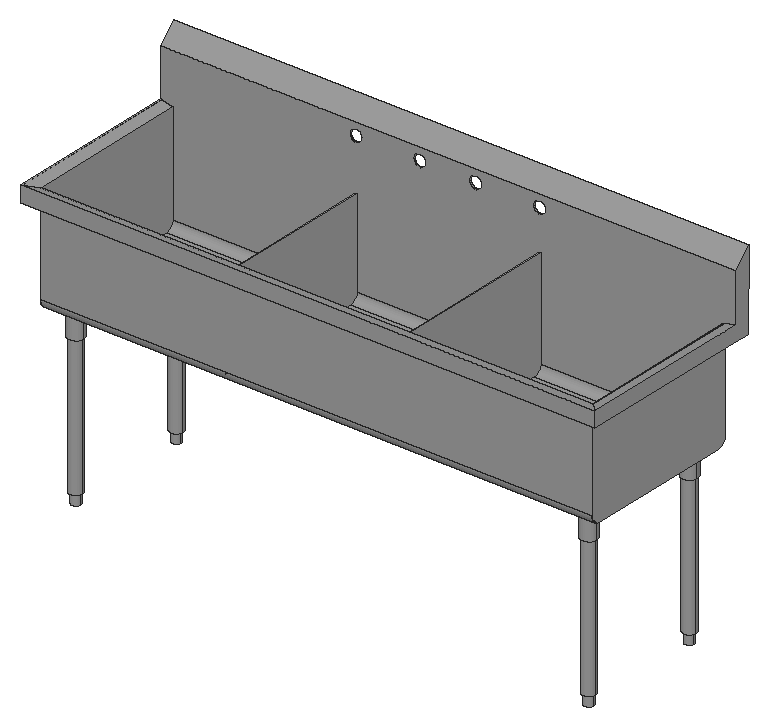
Revit family "equip-sink-elkay-weldbilt-TPL", category Plumbing Fixtures, Revit 2019
Family settings
  Round Connector Dimension = Use Diameter
  Part Type = Normal
  Work Plane-Based = No
  Always vertical = Yes
  Cut with Voids When Loaded = No
  Shared = No
  Room Calculation Point = No
Parameters (values of type "ByType")
  Width = 2' - 0"
  URL = "http://www.elkayusa.com/cps/rde/xchg/elkay/hs.xsl/Default.aspx"
  Specification URL = "http://www.elkayusa.com/cps/rde/xbcr/elkay/04-07I_WELDBILT_TRIPLE_SCULLERY.pdf"
  Model Number = ""
  Model = "Weldbilt"
  Manufacturer = "Elkay Manufacturer"
  Length = 6' - 0"
  Installation URL = "http://www.elkayusa.com/cps/rde/xbcr/elkay/74180084.pdf"
  Hidden Width = if(Compartment Width > 0' 11", Width, (Compartment Width + Sink Rim Front Width + Backsplash Width))  # 2' - 0"
  Sink Material = Metal - Steel - Stainless - Chrome
  Hidden Compartment Width = Width - Sink Rim Front Width - Backsplash Width  # 1' - 8 1/2"
  Hidden Compartment Length = (Length - (Sink Rim Sides Width * 2)) / 3  # 1' - 11"
  Description = "Weldbilt Triple Compartment Scullery Sinks"
  Compartment Length = if(Hidden Compartment Length > 0' 8 1/2", Hidden Compartment Length, 0' 8 1/2")  # 1' - 11"
  Hidden Length = if((Compartment Length > 0' 8 1/2"), Length, (((Compartment Length * 3) + Sink Rim Sides Width * 2)))  # 6' - 0"
  Sink Rim Sides Width = 0' - 1 1/2"  # constant formula
  Sink Rim Front Width = 0' - 1 1/2"  # constant formula
  Backsplash Width = 0' - 2"  # constant formula
  Sink Drain Location = Compartment Width / 2  # 0' - 10 1/4"
  Compartment Depth = 1' - 2"
  Compartment Width = if(Hidden Compartment Width > 0' 11", Hidden Compartment Width, 0' 11")  # 1' - 8 1/2"
  Rim Height = 3' - 0"
  Hole 3 to 4 = 0' - 8"
  Hole 2 to 3 = 0' - 7"
  Hole 1 to 2 = 0' - 8"
  Hole 1 From CL = 0' - 11 1/2"
  Faucet CL from Top Backsplash = 0' - 3 1/2"
  Backsplash Height = 0' - 8"
Reference planes (in)
  plane 1 "CL Sink Hole": y = 0
  plane 2 "Bottom": z = 0
  plane 3 "Center (Left/Right)": x = 0
  plane 4 "Basin Edge Left": x = -34.5
  plane 5 "Basin Edge Right": x = 34.5
  plane 6 "Basin Edge Back": y = 10.25
  plane 7 "Basin Edge Front": y = -10.25
  plane 8 "Left": x = -36
  plane 9 "Right": x = 36
  plane 10 "Back": y = 12.25
  plane 11 "Front": y = -11.75
  plane 12 "Sink Bowl Bottom (Top Face)": z = 22
  plane 13 "Sink Bowl Bottom (Bottom Face)": z = 21.875
  plane 14 "Sink Bottom Piece Back Edge": y = 9.25
  plane 15 "Sink Bottom Piece Front Edge": y = -9.25
  plane 16 "Center (Front/Back)": y = 0
  plane 17 "Sink Rim Top": z = 36
  plane 18 "Sink Bowl Bottom Radius Top Tangent": z = 23
  plane 19 "Sink Rim Inside Lower Edge": z = 35.59808
  plane 20: z = 44
  plane 21 "Backsplash Angle": z = 42
  plane 22 "Backsplash Side Piece Front": y = 10.375
  plane 23 "Backsplash Side Piece Top": z = 43.82322
  plane 24 "Backsplash Side Piece Angle": z = 41.94822
  plane 25 "Backsplash Side Piece Bottom": z = 34
  plane 26 "Backsplash Side Right Piece Inside Edge": x = 35.875
  plane 27 "Backsplash Side Left Piece Inside Edge": x = -35.875
  plane 28 "Basin Edge Right Outside Face": x = 34.5625
  plane 29 "Basin Edge Left Outside Face": x = -34.5625
  plane 30 "Faucet Hole CL Elev": z = 40.5
  plane 31 "CL Faucet Hole1 Left": x = -11.5
  plane 32 "CL Faucet Hole1 Right": x = -3.5
  plane 33 "Leg Left CL": x = -32.125
  plane 34 "Leg Front CL": y = -7.875
  plane 35: z = 1.3125
  plane 36 "Leg Right CL": x = 32.125
  plane 37 "Leg Back CL": y = 7.875
  plane 38 "Sink Drain Left CL": x = -23
  plane 39 "Partition Left - Left Edge": x = -11.57422
  plane 40 "Partition Left - Right Edge": x = -11.42578
  plane 41 "Partition Top": z = 35.47
  plane 42 "Sink Drain Right CL": x = 23
  plane 43 "Partition CL Left": x = -11.5
  plane 44 "Partition Right CL": x = 11.5
  plane 45 "Partition Right - Left Edge": x = 11.42578
  plane 46 "Partition Right - Right Edge": x = 11.57422
  plane 47 "CL Faucet Hole2 Left": x = 3.5
  plane 48 "CL Faucet Hole2 Right": x = 11.5
  plane 49 "Basin Back Edge Outside": y = 10.375
  plane 50 "Basin Edge Front Outside": y = -10.375
Forms (in)
  Sweep 1, solid, material "Metal - Steel - Stainless - Chrome" <- "Sink Material"
    path origin (0, 0, 36) x (0, -1, 0) y (1, 0, 0)
      loop
        line (-10.25, 36) -> (11.75, 36) -> (11.75, -36) -> (-10.25, -36)
    profile "profile-weldbilt-rim : profile-weldbilt-rim" origin (-36, -0.75, 36) x (-1, 0, 0) y (0, 0, 1)
      loop
        line (-1.5, -0.40192) -> (-1.41389, -0.45164) -> (-0.07031, -0.09163) -> (-0.07031, -1.94605) -> (-0.42259, -2.04044) -> (-0.42259, -2.11323) -> (0, -2) -> (0, 0) -> (-1.5, -0.40192)
  Extrusion 2, solid, material "Metal - Steel - Stainless - Chrome" <- "Sink Material"
    sketch origin (0, 0, 0) x (0, 1, 0) y (0, 0, 1)
      loop
        line (-10.375, 35.59808) -> (-10.375, 23)
        arc (-10.375, 23) -> (-10.0455, 22.2045) -> (-9.25, 21.875) r 1.125
        line (-9.25, 21.875) -> (9.25, 21.875)
        arc (9.25, 21.875) -> (10.0455, 22.2045) -> (10.375, 23) r 1.125
        line (10.375, 23) -> (10.375, 35.59808) -> (10.25, 35.59808) -> (10.25, 23)
        arc (10.25, 23) -> (9.95711, 22.29289) -> (9.25, 22) r 1
        line (9.25, 22) -> (-9.25, 22)
        arc (-9.25, 22) -> (-9.95711, 22.29289) -> (-10.25, 23) r 1
        line (-10.25, 23) -> (-10.25, 35.59808) -> (-10.375, 35.59808)
    from -34.5 to 34.5
  Extrusion 3, solid, material "Metal - Steel - Stainless - Chrome" <- "Sink Material"
    sketch origin (0, 0, 0) x (0, 1, 0) y (0, 0, 1)
      loop
        line (10.25, 42) -> (10.25, 34) -> (10.375, 34) -> (10.375, 41.94822) -> (12.25, 43.82322) -> (12.25, 44) -> (10.25, 42)
    from -36 to 36
  Extrusion 4, solid, material "Metal - Steel - Stainless - Chrome" <- "Sink Material"
    sketch origin (36, 0, 0) x (0, 1, 0) y (0, 0, 1)
      loop
        line (12.25, 43.82322) -> (10.375, 41.94822) -> (10.375, 34) -> (12.25, 34) -> (12.25, 43.82322)
    from -0.125 to 0
  Extrusion 5, solid, material "Metal - Steel - Stainless - Chrome" <- "Sink Material"
    sketch origin (-18, 0, 0) x (0, 1, 0) y (0, 0, 1)
      loop
        line (12.25, 43.82322) -> (10.375, 41.94822) -> (10.375, 34) -> (12.25, 34) -> (12.25, 43.82322)
    from -18 to -17.875
  Extrusion 6, solid, material "Metal - Steel - Stainless - Chrome" <- "Sink Material"
    sketch origin (34.5, 0, 0) x (0, 1, 0) y (0, 0, 1)
      loop
        line (-10.375, 35.59808) -> (-10.375, 23)
        arc (-10.375, 23) -> (-10.0455, 22.2045) -> (-9.25, 21.875) r 1.125
        line (-9.25, 21.875) -> (9.25, 21.875)
        arc (9.25, 21.875) -> (10.0455, 22.2045) -> (10.375, 23) r 1.125
        line (10.375, 23) -> (10.375, 35.59808) -> (-10.375, 35.59808)
    from 0 to 0.0625
  Extrusion 7, solid, material "Metal - Steel - Stainless - Chrome" <- "Sink Material"
    sketch origin (-34.5, 0, 0) x (0, 1, 0) y (0, 0, 1)
      loop
        line (10.375, 35.59808) -> (-10.375, 35.59808) -> (-10.375, 23)
        arc (-10.375, 23) -> (-10.0455, 22.2045) -> (-9.25, 21.875) r 1.125
        line (-9.25, 21.875) -> (9.25, 21.875)
        arc (9.25, 21.875) -> (10.0455, 22.2045) -> (10.375, 23) r 1.125
        line (10.375, 23) -> (10.375, 35.59808)
    from -0.0625 to 0
  Extrusion 8, void
    sketch origin (0, 0, 0) x (1, 0, 0) y (0, 0, 1)
      loop
        circle (-11.5, 40.5) r 0.75
    from -10.375 to -10.25
  Extrusion 9, void
    sketch origin (0, 0, 0) x (1, 0, 0) y (0, 0, 1)
      loop
        circle (-3.5, 40.5) r 0.75
    from -10.375 to -10.25
  Extrusion 10, void
    sketch origin (-45.27944, 78.60934, 0) x (1, 0, 0) y (0, 1, 0)
      loop
        circle (22.27944, -78.60934) r 2.375
    from 21.875 to 22
  Revolve 11, solid, material "Metal - Steel - Stainless - Chrome" <- "Sink Material"
    sketch origin (0, -7.875, 0) x (-1, 0, 0) y (0, 0, 1)
      loop
        line (32.9375, 18.7625) -> (33.095, 18.7625) -> (33.095, 21.875) -> (32.125, 21.875) -> (32.125, 0) -> (32.6875, 0) -> (32.6875, 1.3125) -> (32.9375, 1.3125) -> (32.9375, 18.7625)
      axis (32.125, 21.875) -> (32.125, 0)
    angle from 0 to 360
  Revolve 12, solid, material "Metal - Steel - Stainless - Chrome" <- "Sink Material"
    sketch origin (0, -7.875, 0) x (-1, 0, 0) y (0, 0, 1)
      loop
        line (-32.9375, 18.7625) -> (-32.9375, 1.3125) -> (-32.6875, 1.3125) -> (-32.6875, 0) -> (-32.125, 0) -> (-32.125, 21.875) -> (-33.095, 21.875) -> (-33.095, 18.7625) -> (-32.9375, 18.7625)
      axis (-32.125, 21.875) -> (-32.125, 0)
    angle from 0 to 360
  Revolve 13, solid, material "Metal - Steel - Stainless - Chrome" <- "Sink Material"
    sketch origin (0, 7.875, 0) x (-1, 0, 0) y (0, 0, 1)
      loop
        line (-32.9375, 18.7625) -> (-32.9375, 1.3125) -> (-32.6875, 1.3125) -> (-32.6875, 0) -> (-32.125, 0) -> (-32.125, 21.875) -> (-33.095, 21.875) -> (-33.095, 18.7625) -> (-32.9375, 18.7625)
      axis (-32.125, 21.875) -> (-32.125, 0)
    angle from 0 to 360
  Revolve 14, solid, material "Metal - Steel - Stainless - Chrome" <- "Sink Material"
    sketch origin (0, 7.875, 0) x (-1, 0, 0) y (0, 0, 1)
      loop
        line (31.3125, 18.7625) -> (31.3125, 1.3125) -> (31.5625, 1.3125) -> (31.5625, 0) -> (32.125, 0) -> (32.125, 21.875) -> (31.155, 21.875) -> (31.155, 18.7625) -> (31.3125, 18.7625)
      axis (32.125, 21.875) -> (32.125, 0)
    angle from 0 to 360
  Sweep 15, solid, material "Metal - Steel - Stainless - Chrome" <- "Sink Material"
    path origin (0, 0, 22) x (-1, 0, 0) y (0, -1, 0)
      loop
        circle (23, 0) r 2.375
    profile "profile-elkay-sink-hole-1 : profile-elkay-sink-hole-1" origin (-23, -2.375, 22) x (0, 1, 0) y (0, 0, 1)
      loop
        arc (0.10775, -0.05529) -> (0.06053, -0.01467) -> (0, 0) r 0.133
        line (0, 0) -> (0, -0.07422)
        arc (0, -0.07422) -> (0.0267, -0.08072) -> (0.04752, -0.09865) r 0.05878
        line (0.04752, -0.09865) -> (0.12152, -0.20143) -> (0.5715, -0.40832) -> (0.5715, -0.32577) -> (0.16939, -0.14089) -> (0.10775, -0.05529)
  Extrusion 16, solid, material "Metal - Steel - Stainless - Chrome" <- "Sink Material"
    sketch origin (0, 0, 0) x (0, 1, 0) y (0, 0, 1)
      loop
        line (-10.25, 34) -> (-10.25, 23)
        arc (-10.25, 23) -> (-9.95711, 22.29289) -> (-9.25, 22) r 1
        line (-9.25, 22) -> (9.25, 22)
        arc (9.25, 22) -> (9.95711, 22.29289) -> (10.25, 23) r 1
        line (10.25, 23) -> (10.25, 34) -> (-10.25, 34)
    from -11.57422 to -11.42578
  Extrusion 17, void
    sketch origin (0, 0, 0) x (1, 0, 0) y (0, 1, 0)
      loop
        circle (23, 0) r 2.375
    from 21.875 to 22
  Sweep 18, solid, material "Metal - Steel - Stainless - Chrome" <- "Sink Material"
    path origin (0, 0, 22) x (-1, 0, 0) y (0, -1, 0)
      loop
        circle (-23, 0) r 2.375
    profile "profile-elkay-sink-hole-1 : profile-elkay-sink-hole-1" origin (23, -2.375, 22) x (0, 1, 0) y (0, 0, 1)
      loop
        arc (0.10775, -0.05529) -> (0.06053, -0.01467) -> (0, 0) r 0.133
        line (0, 0) -> (0, -0.07422)
        arc (0, -0.07422) -> (0.0267, -0.08072) -> (0.04752, -0.09865) r 0.05878
        line (0.04752, -0.09865) -> (0.12152, -0.20143) -> (0.5715, -0.40832) -> (0.5715, -0.32577) -> (0.16939, -0.14089) -> (0.10775, -0.05529)
  Extrusion 19, void
    sketch origin (0, 0, 0) x (1, 0, 0) y (0, 1, 0)
      loop
        circle (0, 0) r 2.375
    from 21.875 to 22
  Sweep 20, solid, material "Metal - Steel - Stainless - Chrome" <- "Sink Material"
    path origin (0, 0, 22) x (-1, 0, 0) y (0, -1, 0)
      loop
        circle (0, 0) r 2.375
    profile "profile-elkay-sink-hole-1 : profile-elkay-sink-hole-1" origin (0, -2.375, 22) x (0, 1, 0) y (0, 0, 1)
      loop
        arc (0.10775, -0.05529) -> (0.06053, -0.01467) -> (0, 0) r 0.133
        line (0, 0) -> (0, -0.07422)
        arc (0, -0.07422) -> (0.0267, -0.08072) -> (0.04752, -0.09865) r 0.05878
        line (0.04752, -0.09865) -> (0.12152, -0.20143) -> (0.5715, -0.40832) -> (0.5715, -0.32577) -> (0.16939, -0.14089) -> (0.10775, -0.05529)
  Extrusion 21, solid, material "Metal - Steel - Stainless - Chrome" <- "Sink Material"
    sketch origin (0, 0, 0) x (0, 1, 0) y (0, 0, 1)
      loop
        line (-10.25, 35.47) -> (-10.25, 23)
        arc (-10.25, 23) -> (-9.95711, 22.29289) -> (-9.25, 22) r 1
        line (-9.25, 22) -> (9.25, 22)
        arc (9.25, 22) -> (9.95711, 22.29289) -> (10.25, 23) r 1
        line (10.25, 23) -> (10.25, 35.47) -> (-10.25, 35.47)
    from 11.42578 to 11.57422
  Extrusion 22, void
    sketch origin (0, 0, 0) x (1, 0, 0) y (0, 0, 1)
      loop
        circle (3.5, 40.5) r 0.75
    from -10.375 to -10.25
  Extrusion 23, void
    sketch origin (0, 0, 0) x (1, 0, 0) y (0, 0, 1)
      loop
        circle (11.5, 40.5) r 0.75
    from -10.375 to -10.25
Cuts and joins
  Extrusion 10, Extrusion 17, Extrusion 19 cuts Extrusion 2
  Extrusion 8, Extrusion 9, Extrusion 19, Extrusion 22, Extrusion 23 cuts Extrusion 3
  Extrusion 10 cuts Extrusion 6
  joined: Sweep 1, Extrusion 2, Extrusion 3, Extrusion 4, Extrusion 5, Extrusion 6, Extrusion 7, Sweep 15, Sweep 18, Sweep 20
Lines and regions (in)
  Masking region 1
    outline origin (0, 0, 0) x (1, 0, 0) y (0, 1, 0)
      loop
        line (-36, 12.25) -> (-36, -11.75) -> (36, -11.75) -> (36, 12.25) -> (-36, 12.25)
  reference lines
    curve 1: arc (0, -9.25, 22) -> (0, -9.95711, 22.29289) -> (0, -10.25, 23) r 1
    curve 2: arc (0, 10.25, 23) -> (0, 9.95711, 22.29289) -> (0, 9.25, 22) r 1
    curve 3: line (-32.125, -7.875, 21.875) -> (-32.125, -7.875, 0)
    curve 4: line (32.125, -7.875, 22) -> (32.125, -7.875, 0)
    curve 5: line (32.125, 7.875, 21.875) -> (32.125, 7.875, 0)
    curve 6: line (-32.125, 7.875, 21.875) -> (-32.125, 7.875, 0)
    curve 23: arc (0, -10.375, 23) -> (0, -10.0455, 22.2045) -> (0, -9.25, 21.875) r 1.125
    curve 24: arc (0, 10.375, 23) -> (0, 10.0455, 22.2045) -> (0, 9.25, 21.875) r 1.125
  symbolic lines
    curve 7: line (-36, 10.25, 0) -> (36, 10.25, 0)
    curve 8: line (-34.5, -10.25, 0) -> (-34.5, 10.25, 0)
    curve 9: line (34.5, -10.25, 0) -> (-34.5, -10.25, 0)
    curve 10: line (34.5, 10.25, 0) -> (34.5, -10.25, 0)
    curve 11: line (-34.5, -10.25, 0) -> (-36, -11.75, 0)
    curve 12: line (36, -11.75, 0) -> (34.5, -10.25, 0)
    curve 13: circle (-23, 0, 0) r 2.375 normal (0, 0, 1)
    curve 14: circle (-23, 0, 0) r 1.75 normal (0, 0, 1)
    curve 15: line (-11.57422, -10.25, 0) -> (-11.57422, 10.25, 0)
    curve 16: line (-11.42578, 10.25, 0) -> (-11.42578, -10.25, 0)
    curve 17: circle (23, 0, 0) r 2.375 normal (0, 0, 1)
    curve 18: circle (23, 0, 0) r 1.75 normal (0, 0, 1)
    curve 19: line (11.42578, 10.25, 0) -> (11.42578, -10.25, 0)
    curve 20: line (11.57422, 10.25, 0) -> (11.57422, -10.25, 0)
    curve 21: circle (0, 0, 0) r 2.375 normal (0, 0, 1)
    curve 22: circle (0, 0, 0) r 1.75 normal (0, 0, 1)
Dimensions and locks (in)
  equal spacing: plane 4 "Basin Edge Left", plane 3 "Center (Left/Right)", plane 5 "Basin Edge Right"
  "Sink Rim Sides Width": plane 8 "Left" to plane 4 "Basin Edge Left"
  "Sink Rim Sides Width": plane 5 "Basin Edge Right" to plane 9 "Right"
  "Hidden Length": plane 8 "Left" to plane 9 "Right"
  "Sink Drain Location": plane 6 "Basin Edge Back" to plane 1 "CL Sink Hole"
  "Backsplash Width": plane 10 "Back" to plane 6 "Basin Edge Back"
  "Sink Rim Front Width": plane 7 "Basin Edge Front" to plane 11 "Front"
  "Hidden Width": plane 10 "Back" to plane 11 "Front"
  locked: plane 15 "Sink Bottom Piece Front Edge" to plane 7 "Basin Edge Front" at 1
  locked: plane 6 "Basin Edge Back" to plane 14 "Sink Bottom Piece Back Edge" at 1
  plane 6 "Basin Edge Back" to plane 7 "Basin Edge Front" = 1' - 8 1/2"
  equal spacing: plane 6 "Basin Edge Back", plane 16 "Center (Front/Back)", plane 7 "Basin Edge Front"
  "Compartment Depth": plane 17 "Sink Rim Top" to plane 12 "Sink Bowl Bottom (Top Face)"
  "Rim Height": plane 17 "Sink Rim Top" to plane 2 "Bottom"
  locked: plane 18 "Sink Bowl Bottom Radius Top Tangent" to plane 12 "Sink Bowl Bottom (Top Face)" at 1
  locked: plane 17 "Sink Rim Top" to plane 19 "Sink Rim Inside Lower Edge" at 0.40192
  "Backsplash Height": plane 20 to plane 17 "Sink Rim Top"
  locked: plane 20 to plane 21 "Backsplash Angle" at 2
  locked: plane 20 to plane 23 "Backsplash Side Piece Top" at 0.17678
  locked: plane 6 "Basin Edge Back" to plane 22 "Backsplash Side Piece Front" at 0.125
  locked: plane 21 "Backsplash Angle" to plane 24 "Backsplash Side Piece Angle" at 0.05178
  locked: plane 26 "Backsplash Side Right Piece Inside Edge" to plane 9 "Right" at 0.125
  locked: plane 8 "Left" to plane 27 "Backsplash Side Left Piece Inside Edge" at 0.125
  locked: plane 5 "Basin Edge Right" to plane 28 "Basin Edge Right Outside Face" at 0.0625
  plane 29 "Basin Edge Left Outside Face" to plane 4 "Basin Edge Left" = 0' - 0 1/16"
  locked: plane 17 "Sink Rim Top" to plane 25 "Backsplash Side Piece Bottom" at 2
  locked: plane 34 "Leg Front CL" to plane 7 "Basin Edge Front" at 2.375
  locked: plane 4 "Basin Edge Left" to plane 33 "Leg Left CL" at 2.375
  "Hole 1 From CL": plane 31 "CL Faucet Hole1 Left" to plane 3 "Center (Left/Right)"
  "Hole 1 to 2": plane 31 "CL Faucet Hole1 Left" to plane 32 "CL Faucet Hole1 Right"
  locked: plane 12 "Sink Bowl Bottom (Top Face)" to plane 13 "Sink Bowl Bottom (Bottom Face)" at 0.125
  locked: plane 35 to plane 2 "Bottom" at 1.3125
  "Faucet CL from Top Backsplash": plane 20 to plane 30 "Faucet Hole CL Elev"
  locked: plane 36 "Leg Right CL" to plane 5 "Basin Edge Right" at 2.375
  locked: plane 6 "Basin Edge Back" to plane 37 "Leg Back CL" at 2.375
  equal spacing: plane 4 "Basin Edge Left", plane 38 "Sink Drain Left CL", plane 43 "Partition CL Left"
  locked: plane 17 "Sink Rim Top" to plane 41 "Partition Top" at 0.53
  equal spacing: plane 44 "Partition Right CL", plane 42 "Sink Drain Right CL", plane 5 "Basin Edge Right"
  equal spacing: plane 4 "Basin Edge Left", plane 43 "Partition CL Left", plane 44 "Partition Right CL", plane 5 "Basin Edge Right"
  equal spacing: plane 39 "Partition Left - Left Edge", plane 43 "Partition CL Left", plane 40 "Partition Left - Right Edge"
  locked: plane 39 "Partition Left - Left Edge" to plane 40 "Partition Left - Right Edge" at 0.14844
  equal spacing: plane 45 "Partition Right - Left Edge", plane 44 "Partition Right CL", plane 46 "Partition Right - Right Edge"
  locked: plane 45 "Partition Right - Left Edge" to plane 46 "Partition Right - Right Edge" at 0.14844
  "Hole 2 to 3": plane 32 "CL Faucet Hole1 Right" to plane 47 "CL Faucet Hole2 Left"
  "Hole 3 to 4": plane 47 "CL Faucet Hole2 Left" to plane 48 "CL Faucet Hole2 Right"
  locked: nested 1 to plane 9 "Right" at 4
  locked: plane 10 "Back" to nested 1 at 1
  locked: plane 6 "Basin Edge Back" to plane 49 "Basin Back Edge Outside" at 0.125
  locked: plane 50 "Basin Edge Front Outside" to plane 7 "Basin Edge Front" at 0.125
  aligned and locked: Extrusion 2 sketch curve to plane 6 "Basin Edge Back"
  aligned and locked: Extrusion 2 sketch curve to curve 2
  aligned and locked: Extrusion 2 sketch curve to curve 1
  aligned and locked: plane 5 "Basin Edge Right" to Extrusion 2
  aligned and locked: Extrusion 2 to plane 4 "Basin Edge Left"
  aligned and locked: Extrusion 2 sketch curve to plane 19 "Sink Rim Inside Lower Edge"  (x2)
  aligned and locked: Extrusion 3 sketch curve to plane 10 "Back"
  aligned and locked: Extrusion 3 sketch curve to plane 6 "Basin Edge Back"
  aligned and locked: plane 9 "Right" to Extrusion 3
  aligned and locked: Extrusion 3 to plane 8 "Left"
  aligned and locked: plane 10 "Back" to Extrusion 4 sketch curve
  aligned and locked: Extrusion 4 sketch curve to plane 25 "Backsplash Side Piece Bottom"
  aligned and locked: Extrusion 4 sketch curve to plane 22 "Backsplash Side Piece Front"
  aligned and locked: Extrusion 4 to plane 26 "Backsplash Side Right Piece Inside Edge"
  aligned and locked: plane 9 "Right" to Extrusion 4
  aligned and locked: Extrusion 5 sketch curve to plane 10 "Back"
  aligned and locked: plane 22 "Backsplash Side Piece Front" to Extrusion 5 sketch curve
  aligned and locked: plane 25 "Backsplash Side Piece Bottom" to Extrusion 5 sketch curve
  aligned and locked: plane 27 "Backsplash Side Left Piece Inside Edge" to Extrusion 5
  aligned and locked: Extrusion 5 to plane 8 "Left"
  aligned and locked: Extrusion 6 sketch curve to plane 19 "Sink Rim Inside Lower Edge"
  aligned and locked: Extrusion 6 to plane 5 "Basin Edge Right"
  aligned and locked: plane 28 "Basin Edge Right Outside Face" to Extrusion 6
  aligned and locked: Extrusion 7 sketch curve to plane 19 "Sink Rim Inside Lower Edge"
  aligned and locked: Extrusion 7 to plane 29 "Basin Edge Left Outside Face"
  aligned and locked: plane 4 "Basin Edge Left" to Extrusion 7
  aligned and locked: plane 22 "Backsplash Side Piece Front" to Extrusion 9
  aligned and locked: Extrusion 9 to plane 6 "Basin Edge Back"
  aligned and locked: plane 22 "Backsplash Side Piece Front" to Extrusion 8
  aligned: Extrusion 8 to plane 14 "Sink Bottom Piece Back Edge"
  aligned and locked: Extrusion 8 to plane 6 "Basin Edge Back"
  aligned and locked: plane 12 "Sink Bowl Bottom (Top Face)" to Extrusion 10
  aligned and locked: Extrusion 10 to plane 13 "Sink Bowl Bottom (Bottom Face)"
  aligned and locked: Revolve 11 sketch curve to plane 13 "Sink Bowl Bottom (Bottom Face)"
  aligned and locked: Revolve 11 sketch curve to curve 3
  aligned and locked: curve 4 to plane 36 "Leg Right CL"
  aligned and locked: plane 12 "Sink Bowl Bottom (Top Face)" to curve 4
  aligned and locked: plane 2 "Bottom" to curve 4
  aligned and locked: Revolve 12 sketch curve to plane 35
  aligned and locked: plane 2 "Bottom" to Revolve 12 sketch curve  (x3)
  aligned and locked: plane 13 "Sink Bowl Bottom (Bottom Face)" to Revolve 12 sketch curve  (x2)
  aligned and locked: curve 4 to Revolve 12 sketch curve  (x2)
  aligned and locked: Revolve 13 sketch curve to plane 2 "Bottom"
  aligned and locked: plane 35 to Revolve 13 sketch curve
  aligned and locked: Revolve 13 sketch curve to plane 13 "Sink Bowl Bottom (Bottom Face)"
  aligned and locked: plane 36 "Leg Right CL" to Revolve 13 sketch curve
  aligned and locked: Revolve 13 sketch curve to curve 5
  aligned and locked: Revolve 14 sketch curve to plane 2 "Bottom"
  aligned and locked: Revolve 14 sketch curve to plane 35
  aligned and locked: plane 13 "Sink Bowl Bottom (Bottom Face)" to Revolve 14 sketch curve
  aligned and locked: plane 33 "Leg Left CL" to Revolve 14 sketch curve
  aligned and locked: plane 2 "Bottom" to Revolve 14 sketch curve
  aligned and locked: Revolve 14 sketch curve to plane 33 "Leg Left CL"
  aligned and locked: Masking region 1 sketch curve to plane 10 "Back"
  aligned and locked: plane 8 "Left" to Masking region 1 sketch curve
  aligned and locked: Masking region 1 sketch curve to plane 9 "Right"
  aligned and locked: plane 11 "Front" to Masking region 1 sketch curve
  aligned and locked: plane 7 "Basin Edge Front" to curve 9
  aligned and locked: plane 4 "Basin Edge Left" to curve 8
  aligned and locked: curve 7 to plane 6 "Basin Edge Back"
  aligned and locked: plane 8 "Left" to curve 7
  aligned and locked: plane 9 "Right" to curve 7
  aligned and locked: Extrusion 16 sketch curve to plane 25 "Backsplash Side Piece Bottom"
  aligned and locked: Extrusion 16 sketch curve to plane 6 "Basin Edge Back"
  aligned and locked: Extrusion 16 sketch curve to curve 1
  aligned and locked: Extrusion 16 sketch curve to curve 2
  aligned and locked: Extrusion 16 to plane 39 "Partition Left - Left Edge"
  aligned and locked: plane 40 "Partition Left - Right Edge" to Extrusion 16
  aligned and locked: plane 12 "Sink Bowl Bottom (Top Face)" to Extrusion 17
  aligned and locked: Extrusion 17 to plane 13 "Sink Bowl Bottom (Bottom Face)"
  aligned and locked: plane 12 "Sink Bowl Bottom (Top Face)" to Extrusion 19
  aligned and locked: Extrusion 19 to plane 13 "Sink Bowl Bottom (Bottom Face)"
  aligned and locked: Extrusion 21 sketch curve to plane 41 "Partition Top"
  aligned and locked: Extrusion 21 sketch curve to plane 6 "Basin Edge Back"
  aligned and locked: Extrusion 21 sketch curve to curve 1
  aligned and locked: Extrusion 21 sketch curve to curve 2
  aligned and locked: plane 46 "Partition Right - Right Edge" to Extrusion 21
  aligned and locked: Extrusion 21 to plane 45 "Partition Right - Left Edge"
  aligned and locked: plane 22 "Backsplash Side Piece Front" to Extrusion 23
  aligned and locked: plane 22 "Backsplash Side Piece Front" to Extrusion 22
  aligned and locked: Extrusion 22 to plane 6 "Basin Edge Back"
  aligned and locked: Extrusion 23 to plane 6 "Basin Edge Back"
  aligned and locked: plane 6 "Basin Edge Back" to Sweep 1 sketch curve  (x2)
  aligned and locked: Extrusion 3 sketch curve to plane 25 "Backsplash Side Piece Bottom"
  aligned and locked: Extrusion 6 sketch curve to plane 50 "Basin Edge Front Outside"
  aligned and locked: Extrusion 6 sketch curve to plane 49 "Basin Back Edge Outside"
  aligned and locked: Extrusion 6 sketch curve to curve 24
  aligned and locked: Extrusion 6 sketch curve to curve 23
  aligned and locked: Extrusion 7 sketch curve to plane 50 "Basin Edge Front Outside"
  aligned and locked: Extrusion 7 sketch curve to curve 23
  aligned and locked: Extrusion 7 sketch curve to plane 49 "Basin Back Edge Outside"
  aligned and locked: Extrusion 7 sketch curve to curve 24
Automatic sketch dimensions
  Sweep 1 sketch curve to plane 8 "Left" = 0' - 0"
  Sweep 1 sketch curve to plane 11 "Front" = 0' - 0"
  Sweep 1 sketch curve to plane 9 "Right" = 0' - 0"
  Extrusion 2 sketch curve to Extrusion 2 sketch curve = 0' - 0"  (x4)
  Extrusion 2 sketch curve to plane 22 "Backsplash Side Piece Front" = 0' - 0"
  Extrusion 3 sketch curve to plane 22 "Backsplash Side Piece Front" = 0' - 0"
  Extrusion 3 sketch curve to plane 24 "Backsplash Side Piece Angle" = 0' - 0"
  Extrusion 3 sketch curve to plane 21 "Backsplash Angle" = 0' - 0"
  Extrusion 3 sketch curve to plane 23 "Backsplash Side Piece Top" = 0' - 0"
  Extrusion 3 sketch curve to plane 20 = 0' - 0"
  Extrusion 4 sketch curve to plane 24 "Backsplash Side Piece Angle" = 0' - 0"
  Extrusion 4 sketch curve to plane 23 "Backsplash Side Piece Top" = 0' - 0"
  Extrusion 5 sketch curve to plane 24 "Backsplash Side Piece Angle" = 0' - 0"
  Extrusion 5 sketch curve to plane 23 "Backsplash Side Piece Top" = 0' - 0"
  Extrusion 8 sketch curve to plane 30 "Faucet Hole CL Elev" = 0' - 0"
  Extrusion 8 sketch curve to plane 31 "CL Faucet Hole1 Left" = 0' - 0"
  Extrusion 9 sketch curve to plane 30 "Faucet Hole CL Elev" = 0' - 0"
  Extrusion 9 sketch curve to plane 32 "CL Faucet Hole1 Right" = 0' - 0"
  curve 3 to level = 0' - 0"
  curve 3 to plane 33 "Leg Left CL" = 0' - 0"
  curve 3 to plane 13 "Sink Bowl Bottom (Bottom Face)" = 0' - 0"
  Revolve 11 sketch curve to plane 33 "Leg Left CL" = 0' - 0"
  Revolve 11 sketch curve to level = 0' - 0"  (x2)
  Revolve 11 sketch curve to plane 35 = 0' - 0"
  Revolve 11 sketch curve to plane 13 "Sink Bowl Bottom (Bottom Face)" = 0' - 0"
  Revolve 11 sketch curve to Revolve 11 sketch curve = 0' - 0 9/16"
  Revolve 11 sketch curve to Revolve 11 sketch curve = 0' - 0 1/4"
  Revolve 11 sketch curve to Revolve 11 sketch curve = 0' - 0.1575"
  plane 36 "Leg Right CL" to Revolve 12 sketch curve = 0' - 0 9/16"
  plane 36 "Leg Right CL" to Revolve 12 sketch curve = 0' - 0 13/16"
  Revolve 12 sketch curve to Revolve 12 sketch curve = 0' - 0.1575"
  curve 5 to level = 0' - 0"
  curve 5 to plane 36 "Leg Right CL" = 0' - 0"
  curve 5 to plane 13 "Sink Bowl Bottom (Bottom Face)" = 0' - 0"
  Revolve 13 sketch curve to level = 0' - 0"
  Revolve 13 sketch curve to plane 13 "Sink Bowl Bottom (Bottom Face)" = 0' - 0"
  plane 36 "Leg Right CL" to Revolve 13 sketch curve = 0' - 0 9/16"
  Revolve 13 sketch curve to Revolve 13 sketch curve = 0' - 0 1/4"
  Revolve 13 sketch curve to Revolve 13 sketch curve = 0' - 0.97"
  Revolve 14 sketch curve to plane 13 "Sink Bowl Bottom (Bottom Face)" = 0' - 0"
  plane 33 "Leg Left CL" to Revolve 14 sketch curve = 0' - 0 9/16"
  Revolve 14 sketch curve to Revolve 14 sketch curve = 0' - 0 1/4"
  Revolve 14 sketch curve to Revolve 14 sketch curve = 0' - 0.97"
  curve 6 to level = 0' - 0"
  curve 6 to plane 33 "Leg Left CL" = 0' - 0"
  curve 6 to plane 13 "Sink Bowl Bottom (Bottom Face)" = 0' - 0"
  plane 1 "CL Sink Hole" to Sweep 15 sketch curve = 0' - 0"
  Sweep 15 sketch curve to plane 38 "Sink Drain Left CL" = 0' - 0"
  plane 1 "CL Sink Hole" to Extrusion 10 sketch curve = 0' - 0"
  Extrusion 10 sketch curve to plane 38 "Sink Drain Left CL" = 0' - 0"
  plane 1 "CL Sink Hole" to Extrusion 17 sketch curve = 0' - 0"
  Extrusion 17 sketch curve to plane 42 "Sink Drain Right CL" = 0' - 0"
  plane 1 "CL Sink Hole" to Sweep 18 sketch curve = 0' - 0"
  Sweep 18 sketch curve to plane 42 "Sink Drain Right CL" = 0' - 0"
  plane 1 "CL Sink Hole" to Extrusion 19 sketch curve = 0' - 0"
  Extrusion 19 sketch curve to plane 3 "Center (Left/Right)" = 0' - 0"
  Revolve 11 sketch curve to Revolve 11 sketch curve = 0' - 3.1125"
  Revolve 12 sketch curve to plane 13 "Sink Bowl Bottom (Bottom Face)" = 0' - 3.1125"
  Revolve 13 sketch curve to plane 13 "Sink Bowl Bottom (Bottom Face)" = 0' - 3.1125"
  Revolve 14 sketch curve to Revolve 14 sketch curve = 0' - 3.1125"
  plane 1 "CL Sink Hole" to Sweep 20 sketch curve = 0' - 0"
  Sweep 20 sketch curve to plane 3 "Center (Left/Right)" = 0' - 0"
  Extrusion 22 sketch curve to plane 30 "Faucet Hole CL Elev" = 0' - 0"
  Extrusion 22 sketch curve to plane 47 "CL Faucet Hole2 Left" = 0' - 0"
  Extrusion 23 sketch curve to plane 30 "Faucet Hole CL Elev" = 0' - 0"
  Extrusion 23 sketch curve to plane 48 "CL Faucet Hole2 Right" = 0' - 0"
  curve 13 to curve 14 = 0' - 0"  (x2)
  curve 17 to curve 18 = 0' - 0"  (x2)
  curve 21 to curve 22 = 0' - 0"  (x2)
  curve 11 to plane 8 "Left" = 0' - 0"
  plane 1 "CL Sink Hole" to curve 13 = 0' - 0"
  curve 13 to plane 38 "Sink Drain Left CL" = 0' - 0"
  curve 15 to plane 39 "Partition Left - Left Edge" = 0' - 0"
  curve 16 to plane 40 "Partition Left - Right Edge" = 0' - 0"
  plane 1 "CL Sink Hole" to curve 22 = 0' - 0"
  curve 22 to plane 3 "Center (Left/Right)" = 0' - 0"
  curve 19 to plane 45 "Partition Right - Left Edge" = 0' - 0"
  curve 20 to plane 46 "Partition Right - Right Edge" = 0' - 0"
  plane 1 "CL Sink Hole" to curve 18 = 0' - 0"
  curve 18 to plane 42 "Sink Drain Right CL" = 0' - 0"
  curve 12 to plane 5 "Basin Edge Right" = 0' - 0"
  curve 12 to plane 9 "Right" = 0' - 0"
  curve 11 to plane 11 "Front" = 0' - 0"
  curve 12 to plane 11 "Front" = 0' - 0"
  curve 1 to curve 23 = 0' - 0"  (x2)
  curve 2 to curve 24 = 0' - 0"  (x2)
  curve 23 to plane 18 "Sink Bowl Bottom Radius Top Tangent" = 0' - 0"
  curve 23 to plane 50 "Basin Edge Front Outside" = 0' - 0"
  curve 1 to plane 7 "Basin Edge Front" = 0' - 0"
  curve 23 to plane 13 "Sink Bowl Bottom (Bottom Face)" = 0' - 0"
  curve 24 to plane 13 "Sink Bowl Bottom (Bottom Face)" = 0' - 0"
  curve 24 to plane 14 "Sink Bottom Piece Back Edge" = 0' - 0"
  curve 2 to plane 6 "Basin Edge Back" = 0' - 0"
  curve 24 to plane 18 "Sink Bowl Bottom Radius Top Tangent" = 0' - 0"
  radius of Extrusion 8 sketch curve = 0' - 0 3/4"
  radius of Extrusion 9 sketch curve = 0' - 0 3/4"
  radius of Sweep 15 sketch curve = 0' - 2 3/8"
  radius of Extrusion 10 sketch curve = 0' - 2 3/8"
  radius of Extrusion 17 sketch curve = 0' - 2 3/8"
  radius of Sweep 18 sketch curve = 0' - 2 3/8"
  radius of Extrusion 19 sketch curve = 0' - 2 3/8"
  radius of Sweep 20 sketch curve = 0' - 2 3/8"
  radius of Extrusion 22 sketch curve = 0' - 0 3/4"
  radius of Extrusion 23 sketch curve = 0' - 0 3/4"
  radius of curve 13 = 0' - 2 3/8"
  radius of curve 14 = 0' - 1 3/4"
  radius of curve 17 = 0' - 2 3/8"
  radius of curve 18 = 0' - 1 3/4"
  radius of curve 21 = 0' - 2 3/8"
  radius of curve 22 = 0' - 1 3/4"
Nested families (in)
  nested 1: "logo-elkay-detail" at (32, 11.25, 0), type "logo-elkay-detail"
Definition of nested family "logo-elkay-detail"
  Reference planes (in)
    plane 1 "Center (Front/Back)": y = 0
    plane 2: z = 0
    plane 3 "Center (Left/Right)": x = 0
  Lines and regions (in)
    detail lines, in view "Ref. Level"
      curve 1: line (-1.81545, 0.37736, 0) -> (-2.86608, 0.37736, 0)
      curve 2: line (-2.86608, 0.37736, 0) -> (-2.99916, -0.37736, 0)
      curve 3: line (-2.99916, -0.37736, 0) -> (-1.89769, -0.37736, 0)
      curve 4: line (-1.89769, -0.37736, 0) -> (-1.87836, -0.26772, 0)
      curve 5: line (-1.87836, -0.26772, 0) -> (-2.75664, -0.26772, 0)
      curve 6: line (-2.75664, -0.26772, 0) -> (-2.71915, -0.05507, 0)
      curve 7: line (-2.71915, -0.05507, 0) -> (-1.94254, -0.05507, 0)
      curve 8: line (-1.94254, -0.05507, 0) -> (-1.92312, 0.05507, 0)
      curve 9: line (-1.92312, 0.05507, 0) -> (-2.71407, 0.05507, 0)
      curve 10: line (-2.71407, 0.05507, 0) -> (-2.67657, 0.26772, 0)
      curve 11: line (-2.67657, 0.26772, 0) -> (-1.83479, 0.26772, 0)
      curve 12: line (-1.83479, 0.26772, 0) -> (-1.81545, 0.37736, 0)
      curve 13: line (-1.55864, -0.26772, 0) -> (-1.44489, 0.37736, 0)
      curve 14: line (-1.44489, 0.37736, 0) -> (-1.65384, 0.37736, 0)
      curve 15: line (-1.65384, 0.37736, 0) -> (-1.78692, -0.37736, 0)
      curve 16: line (-1.78692, -0.37736, 0) -> (-0.81843, -0.37736, 0)
      curve 17: line (-0.81843, -0.37736, 0) -> (-0.7991, -0.26772, 0)
      curve 18: line (-0.7991, -0.26772, 0) -> (-1.55864, -0.26772, 0)
      curve 19: line (-0.70839, -0.37736, 0) -> (-0.57531, 0.37736, 0)
      curve 20: line (-0.57531, 0.37736, 0) -> (-0.36636, 0.37736, 0)
      curve 21: line (-0.36636, 0.37736, 0) -> (-0.44053, -0.04327, 0)
      curve 22: line (-0.44053, -0.04327, 0) -> (0.30095, 0.37736, 0)
      curve 23: line (0.30095, 0.37736, 0) -> (0.59826, 0.37736, 0)
      curve 24: line (0.59826, 0.37736, 0) -> (0.025, 0.05216, 0)
      curve 25: line (0.025, 0.05216, 0) -> (0.49251, -0.37736, 0)
      curve 26: line (0.49251, -0.37736, 0) -> (0.1672, -0.37736, 0)
      curve 27: line (0.1672, -0.37736, 0) -> (-0.17613, -0.06193, 0)
      curve 28: line (-0.17613, -0.06193, 0) -> (-0.47357, -0.23067, 0)
      curve 29: line (-0.47357, -0.23067, 0) -> (-0.49944, -0.37736, 0)
      curve 30: line (-0.49944, -0.37736, 0) -> (-0.70839, -0.37736, 0)
      curve 31: line (1.55597, -0.12503, 0) -> (1.3377, 0.32386, 0)
      curve 32: line (1.3377, 0.32386, 0) -> (0.94493, -0.12503, 0)
      curve 33: line (0.94493, -0.12503, 0) -> (1.55597, -0.12503, 0)
      curve 34: line (1.55608, 0.37736, 0) -> (1.92307, -0.37736, 0)
      curve 35: line (1.92307, -0.37736, 0) -> (1.67867, -0.37736, 0)
      curve 36: line (1.67867, -0.37736, 0) -> (1.60734, -0.23067, 0)
      curve 37: line (1.60734, -0.23067, 0) -> (0.8525, -0.23067, 0)
      curve 38: line (0.8525, -0.23067, 0) -> (0.72414, -0.37736, 0)
      curve 39: line (0.72414, -0.37736, 0) -> (0.52921, -0.37736, 0)
      curve 40: line (0.52921, -0.37736, 0) -> (1.1896, 0.37736, 0)
      curve 41: line (1.1896, 0.37736, 0) -> (1.55608, 0.37736, 0)
      curve 42: line (1.98079, 0.37736, 0) -> (2.29994, 0.03841, 0)
      curve 43: line (2.29994, 0.03841, 0) -> (2.75395, 0.37736, 0)
      curve 44: line (2.75395, 0.37736, 0) -> (2.99916, 0.37736, 0)
      curve 45: line (2.99916, 0.37736, 0) -> (2.38123, -0.08397, 0)
      curve 46: line (2.38123, -0.08397, 0) -> (2.3295, -0.37736, 0)
      curve 47: line (2.3295, -0.37736, 0) -> (2.10632, -0.37736, 0)
      curve 48: line (2.10632, -0.37736, 0) -> (2.15092, -0.12442, 0)
      curve 49: line (2.15092, -0.12442, 0) -> (1.67845, 0.37736, 0)
      curve 50: line (1.67845, 0.37736, 0) -> (1.98079, 0.37736, 0)
